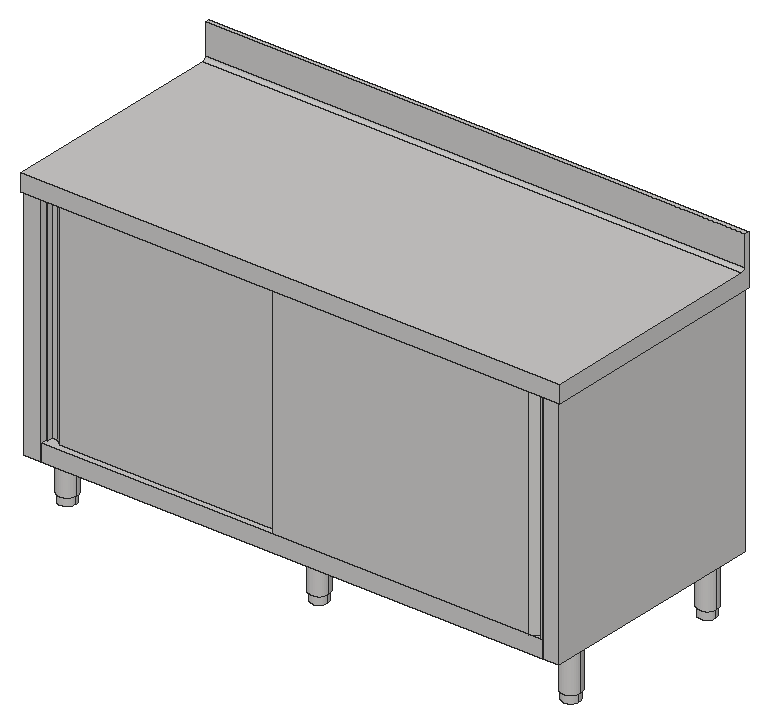
Revit family "QF_ELECTROLUXPROFESSIONAL_132865_MS1617N", category Attrezzature speciali, Revit 2020
Family settings
  Quota connettore circolare = Usa diametro
  Tipo di parte = Normale
  Basato su piano di lavoro = No
  Sempre verticale = Sì
  Taglio con vuoti quando caricato = No
  Condiviso = No
  Punto di calcolo locali = No
Parameters (values of type "Standard")
  Weight = 65.00 kg
  Watts = 0 W
  Volts = 0 V
  URL Manufacturer = "https://www.electroluxprofessional.com/"
  URL = "https://www.electroluxprofessional.com/"
  Steam Supply Size = 0 mm
  Steam Supply Minimum Pressure = 0.0 Pa
  Steam Supply Maximum Pressure = 0.0 Pa
  Steam Consumption per Hour = 0
  Refrigeration Suction Line Size = 0.0 mm
  Refrigeration Liquid Line Size = 0.0 mm
  Refrigerant Compressor Remote = yes
  Prospetto di default = 0.0 mm
  Produttore = "Electrolux Professional"
  Phase = 0
  Modello = "MS1617N"
  Length Actual = 1600.0 mm  # constant formula
  Item Number = "132865"
  Hot Water Size = 0 mm
  Height Actual = 1000.0 mm  # constant formula
  HP = "0 HP"
  Gas Size = 0 mm
  Gas KW = 0
  Gas Input Pressure = 0 W
  Direct Waste Size = 0 mm
  Descrizione = "WORKTOP CUPBOARD WITH UPSTAND 1600MM"
  Depth Actual = 700.0 mm  # constant formula
  Cycle = 0 Hz
  Condensate Return Size = 0 mm
  Compressed Air Volume = 0.0 L/s
  Compressed Air Size = 0 mm
  Compressed Air Pressure = 0.0 Pa
  Cold Water Size = 0 mm
  Accessory = yes
Reference planes
  plane 1 "Center (Front/Back)": y = 0
  plane 2: z = 0
  plane 3 "Center (Left/Right)": x = -300
  plane 4 "LEFT": x = -1100
  plane 5 "RIGHT": x = 500
  plane 6 "BACK": y = 350
  plane 7 "FRONT": y = -350
  plane 8 "Base": z = 850
  plane 9 "TOP": z = 900
  plane 10: x = -1046.9
  plane 11: x = 446.9
  plane 12: y = 264.5
  plane 13: y = -241.9
  plane 14 "BodyLeft": x = -1094.5
  plane 15 "BodyFront": y = -344.5
  plane 16 "BodyRight": x = 494.5
  plane 17 "BodyBack": y = 344.5
  plane 18 "FEET": z = 150
  plane 19: x = -244.5
  plane 20: x = -355.5
Forms (mm)
  Extrusion 1, solid, material "QF_Finishes_Stainless Steel"
    sketch origin (-300, 0, 0) x (0, 1, 0) y (0, 0, 1)
      loop
        line (-350, 850) -> (350, 850) -> (350, 1000) -> (337, 1000) -> (337, 910)
        arc (337, 910) -> (334.071, 902.929) -> (327, 900) r 10
        line (327, 900) -> (-350, 900) -> (-350, 850)
    from 800 to -800
  Extrusion 2, solid, material "QF_Finishes_Stainless Steel"
    sketch origin (0, 0, 150) x (-1, 0, 0) y (0, -1, 0)
      loop
        line (1094.5, -344.5) -> (1094.5, 344.5) -> (1044.5, 344.5) -> (1044.5, -344.5) -> (1094.5, -344.5)
      loop
        line (-444.5, -344.5) -> (-444.5, 344.5) -> (-494.5, 344.5) -> (-494.5, -344.5) -> (-444.5, -344.5)
    from 0 to 700
  Extrusion 3, solid, material "QF_Finishes_Stainless Steel"
    sketch origin (0, 0, 150) x (-1, 0, 0) y (0, -1, 0)
      loop
        line (1043.585, -344.5) -> (1043.585, 344.5) -> (-444.5, 344.5) -> (-444.5, -344.5) -> (1043.585, -344.5)
    from 0 to 50
  Extrusion 4, solid, material "QF_Finishes_Stainless Steel"
    sketch origin (0, 0, 150) x (-1, 0, 0) y (0, -1, 0)
      loop
        line (1043.585, -344.5) -> (1043.585, -294.5) -> (-444.5, -294.5) -> (-444.5, -344.5) -> (1043.585, -344.5)
    from 50 to 700
  Extrusion 5, solid, material "QF_Finishes_Stainless Steel"
    sketch origin (0, 0, 150) x (-1, 0, 0) y (0, -1, 0)
      loop
        line (-444.5, 344.5) -> (-444.5, 324.5) -> (355.5, 324.5) -> (355.5, 344.5) -> (-404.5, 344.5) -> (-424.5, 329.5) -> (-439.5, 329.5) -> (-439.5, 344.5) -> (-444.5, 344.5)
    from 50 to 700
  Extrusion 6, solid, material "QF_Finishes_Stainless Steel"
    sketch origin (0, 20, 150) x (1, 0, 0) y (0, 1, 0)
      loop
        line (-1044.5, -344.5) -> (-1039.5, -344.5) -> (-1039.5, -329.5) -> (-1024.5, -329.5) -> (-1004.5, -344.5) -> (-244.5, -344.5) -> (-244.5, -324.5) -> (-1044.5, -324.5) -> (-1044.5, -344.5)
    from 50 to 700
Lines and regions (mm)
  symbolic lines
    curve 1: line (500, 350, 900) -> (-1100, 350, 900)
    curve 2: line (-1100, 350, 900) -> (-1100, -350, 900)
    curve 3: line (-1100, -350, 900) -> (500, -350, 900)
    curve 4: line (500, -350, 900) -> (500, 350, 900)
    curve 5: line (-1100, 337, 900) -> (500, 337, 900)
  symbolic lines, style "SpecialityEquipmentHiddenLines"
    curve 6: line (-1094.5, -344.5, 150) -> (-1094.5, 344.5, 150)
    curve 7: line (-1094.5, 344.5, 150) -> (494.5, 344.5, 150)
    curve 8: line (494.5, 344.5, 150) -> (494.5, -344.5, 150)
    curve 9: line (494.5, -344.5, 150) -> (-1094.5, -344.5, 150)
    curve 10: line (-1044.5, -304.5, 150) -> (-244.5, -304.5, 150)
    curve 11: line (-244.5, -304.5, 150) -> (-244.5, -324.5, 150)
    curve 12: line (444.5, -324.5, 150) -> (-1044.5, -324.5, 150)
    curve 13: line (-1044.5, -324.5, 150) -> (-1044.5, -304.5, 150)
    curve 14: line (-355.5, -344.5, 150) -> (-355.5, -324.5, 150)
Dimensions and locks
  plane 4 "LEFT" to plane 5 "RIGHT" = 1600.0 mm
  equal spacing: plane 4 "LEFT", plane 3 "Center (Left/Right)", plane 5 "RIGHT"
  locked: plane 8 "Base" to level at 850
  locked: Extrusion 1 to level at 1000
  plane 9 "TOP" to level = 900.0 mm
  plane 6 "BACK" to plane 7 "FRONT" = 700.0 mm
  equal spacing: plane 6 "BACK", plane 1 "Center (Front/Back)", plane 7 "FRONT"
  locked: plane 4 "LEFT" to plane 14 "BodyLeft" at 5.5
  locked: plane 16 "BodyRight" to plane 5 "RIGHT" at 5.5
  locked: plane 15 "BodyFront" to plane 7 "FRONT" at 5.5
  locked: plane 6 "BACK" to plane 17 "BodyBack" at 5.5
  locked: plane 14 "BodyLeft" to plane 10 at 47.6
  locked: plane 11 to plane 16 "BodyRight" at 47.6
  locked: plane 13 to plane 15 "BodyFront" at 102.6
  locked: plane 17 "BodyBack" to plane 12 at 80
  plane 10 to plane 11 = 1493.8 mm
  plane 12 to plane 13 = 506.4 mm
  locked: plane 14 "BodyLeft" to Extrusion 2 sketch curve at 50
  locked: Extrusion 2 sketch curve to Extrusion 2 sketch curve at 50
  Extrusion 3 to Extrusion 4 sketch curve = 50.0 mm
  Extrusion 2 to plane 19 = 800.0 mm
  plane 20 to Extrusion 2 = 800.0 mm
  locked: plane 18 "FEET" to level at 150
  aligned and locked: level to plane 2
  aligned and locked: plane 10 to nested 1
  aligned and locked: nested 1 to plane 13
  aligned and locked: plane 11 to nested 2
  aligned and locked: nested 2 to plane 13
  aligned and locked: plane 11 to nested 4
  aligned and locked: nested 4 to plane 12
  aligned and locked: plane 10 to nested 3
  aligned and locked: nested 3 to plane 12
  aligned and locked: Extrusion 1 to plane 4 "LEFT"
  aligned and locked: plane 5 "RIGHT" to Extrusion 1
  aligned and locked: curve 2 to plane 4 "LEFT"
  aligned and locked: plane 17 "BodyBack" to Extrusion 2 sketch curve
  aligned and locked: Extrusion 2 sketch curve to plane 15 "BodyFront"
  aligned and locked: Extrusion 2 sketch curve to plane 14 "BodyLeft"
  aligned and locked: plane 16 "BodyRight" to Extrusion 2 sketch curve
  aligned and locked: Extrusion 2 sketch curve to plane 17 "BodyBack"
  aligned and locked: plane 15 "BodyFront" to Extrusion 2 sketch curve
  aligned and locked: Extrusion 3 sketch curve to plane 17 "BodyBack"
  aligned and locked: plane 15 "BodyFront" to Extrusion 3 sketch curve
  aligned and locked: plane 8 "Base" to Extrusion 2
  aligned and locked: plane 8 "Base" to Extrusion 5
  aligned and locked: Extrusion 5 to Extrusion 3
  aligned and locked: Extrusion 6 sketch curve to plane 19
  aligned and locked: Extrusion 5 sketch curve to plane 20
  aligned and locked: curve 7 to plane 17 "BodyBack"
  aligned and locked: Extrusion 2 to plane 14 "BodyLeft"
  aligned and locked: plane 16 "BodyRight" to curve 8
  aligned and locked: plane 15 "BodyFront" to curve 9
  aligned and locked: plane 3 "Center (Left/Right)" to nested 5
  aligned and locked: plane 3 "Center (Left/Right)" to nested 6
Automatic sketch dimensions
  curve 3 to plane 7 "FRONT" = 0.0 mm
  curve 5 to plane 5 "RIGHT" = 0.0 mm
  curve 4 to plane 6 "BACK" = 0.0 mm
  curve 5 to plane 17 "BodyBack" = 7.5 mm
  Extrusion 1 sketch curve to plane 7 "FRONT" = 0.0 mm
  Extrusion 1 sketch curve to plane 9 "TOP" = 0.0 mm
  Extrusion 1 sketch curve to plane 6 "BACK" = 0.0 mm
  Extrusion 1 sketch curve to plane 8 "Base" = 0.0 mm
  Extrusion 1 sketch curve to plane 17 "BodyBack" = 17.5 mm
  Extrusion 1 sketch curve to plane 17 "BodyBack" = 7.5 mm
  Extrusion 1 sketch curve to Extrusion 1 sketch curve = 90.0 mm
  Extrusion 5 sketch curve to plane 15 "BodyFront" = 0.0 mm  (x2)
  Extrusion 5 sketch curve to plane 11 = 2.4 mm
  Extrusion 5 sketch curve to Extrusion 5 sketch curve = 5.0 mm
  Extrusion 5 sketch curve to Extrusion 5 sketch curve = 15.0 mm
  Extrusion 5 sketch curve to Extrusion 5 sketch curve = 20.0 mm
  plane 15 "BodyFront" to Extrusion 5 sketch curve = 15.0 mm
  plane 15 "BodyFront" to Extrusion 5 sketch curve = 20.0 mm
  Extrusion 6 sketch curve to plane 15 "BodyFront" = 20.0 mm  (x2)
  Extrusion 6 sketch curve to plane 10 = 2.4 mm
  Extrusion 6 sketch curve to Extrusion 6 sketch curve = 5.0 mm
  Extrusion 6 sketch curve to Extrusion 6 sketch curve = 15.0 mm
  Extrusion 6 sketch curve to Extrusion 6 sketch curve = 20.0 mm  (x2)
  Extrusion 6 sketch curve to plane 15 "BodyFront" = 35.0 mm
  Extrusion 3 sketch curve to plane 11 = 2.4 mm
  plane 10 to Extrusion 3 sketch curve = 3.315 mm
  Extrusion 4 sketch curve to plane 11 = 2.4 mm
  plane 10 to Extrusion 4 sketch curve = 3.315 mm
  curve 10 to plane 19 = 0.0 mm
  curve 14 to plane 20 = 0.0 mm
  curve 7 to plane 14 "BodyLeft" = 0.0 mm
  plane 10 to curve 13 = 2.4 mm
  curve 10 to curve 13 = 20.0 mm
  curve 12 to plane 11 = 2.4 mm
  plane 15 "BodyFront" to curve 14 = 20.0 mm
Nested families
  nested 1: "FEET_D58-150" at (-1046.9, -241.9, 0), type "FEET_D58-150"
  nested 2: "FEET_D58-150" at (446.9, -241.9, 0), type "FEET_D58-150"
  nested 3: "FEET_D58-150" at (-1046.9, 264.5, 0), type "FEET_D58-150"
  nested 4: "FEET_D58-150" at (446.9, 264.5, 0), type "FEET_D58-150"
  nested 5: "FEET_D58-150" at (-300, -241.9, 0), type "FEET_D58-150"
  nested 6: "FEET_D58-150" at (-300, 264.5, 0), type "FEET_D58-150"
Definition of nested family "FEET_D58-150"
  Parameters
    Default Elevation = 0.0 mm
    FEET = 150.0 mm
  Reference planes
    plane 1 "Center (Front/Back)": y = 0
    plane 2: z = 0
    plane 3 "Center (Left/Right)": x = 0
    plane 4: z = 150
  Forms (mm)
    Extrusion 1, solid
      sketch origin (0, 0, 0) x (1, 0, 0) y (0, 1, 0)
        loop
          circle (0, 0) r 25
      from 0 to 25
    Extrusion 2, solid
      sketch origin (0, 0, 0) x (1, 0, 0) y (0, 1, 0)
        loop
          circle (0.061, 0) r 29
      from 25 to 150 <- "FEET"
  Lines and regions (mm)
    symbolic lines
      curve 1: line (0, -1.503, 0) -> (0, 1.508, 0)
      curve 2: line (1.561, 0, 0) -> (-1.439, 0, 0)
  Dimensions and locks
    "FEET": plane 4 to plane 2
    aligned and locked: level to plane 2
  Automatic sketch dimensions
    plane 1 "Center (Front/Back)" to Extrusion 1 sketch curve = 0.0 mm
    Extrusion 1 sketch curve to plane 3 "Center (Left/Right)" = 0.0 mm
    plane 1 "Center (Front/Back)" to curve 2 = 0.0 mm
    curve 1 to plane 3 "Center (Left/Right)" = 0.0 mm
    curve 2 to plane 3 "Center (Left/Right)" = 1.439 mm
    plane 3 "Center (Left/Right)" to curve 2 = 1.561 mm
    plane 1 "Center (Front/Back)" to curve 1 = 1.503 mm
    curve 1 to plane 1 "Center (Front/Back)" = 1.508 mm
    plane 1 "Center (Front/Back)" to Extrusion 2 sketch curve = 0.0 mm
    plane 3 "Center (Left/Right)" to Extrusion 2 sketch curve = 0.061 mm
    radius of Extrusion 1 sketch curve = 25.0 mm
    radius of Extrusion 2 sketch curve = 29.0 mm
